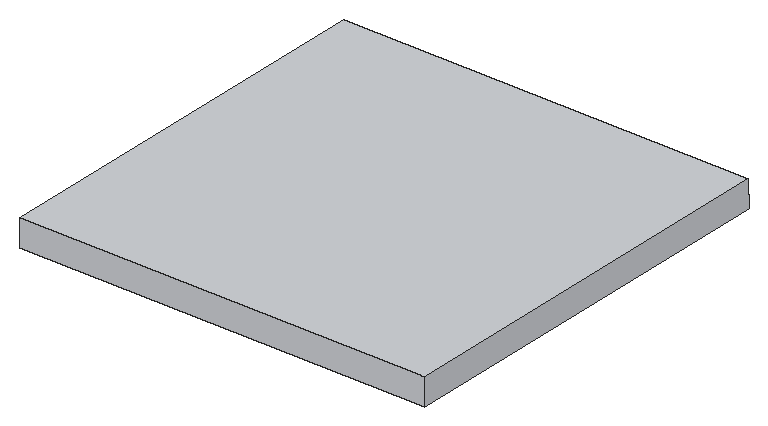
Revit family "1716_ TUPEX ELECTRIC_UQY", category Lighting Fixtures, host Face, Revit 2016
Family settings
  Host = Face
  Part Type = Normal
  Round Connector Dimension = Use Diameter
  Cut with Voids When Loaded = No
  Light Source = Yes
  Shared = No
  Room Calculation Point = Yes
Parameters
  width = 600 mm
  volt = 220 V
  length = 600 mm
  depth = 20 mm
  Wattage = 53 W
  built-in parameter 1150110 = 1 (stored number, unit not read)
  built-in parameter 1114217 = 1 (stored number, unit not read)
  Tilt Angle = 60.00°
  built-in parameter 1150109 = 1 (stored number, unit not read)
  built-in parameter 1150134 = 3
  built-in parameter 1150113 = 1 (stored number, unit not read)
  Photometric Web File = "1715.IES"
  built-in parameter 1150105 = 468.15 (stored number, unit not read)
  Lumens = 5883 lm
  built-in parameter 1150115 = 1 (stored number, unit not read)
  built-in parameter 1150137 = (empty or 0)
  built-in parameter 1150139 = (empty or 0)
  built-in parameter 1150112 = 1 (stored number, unit not read)
  built-in parameter 1150114 = 1 (stored number, unit not read)
  built-in parameter 1150132 = (empty or 0)
  built-in parameter 1150102 = (empty or 0)
  built-in parameter 1150107 = 3200 (stored number, unit not read)
  built-in parameter 1150138 = (empty or 0)
  built-in parameter 1150106 = 4.6815 (stored number, unit not read)
  built-in parameter 1150104 = 10.312 (stored number, unit not read)
  Dimming Lamp Color Temperature Shift = (empty or 0)
  Default Elevation = 1219.2 mm
  Color Filter = 16777215
  built-in parameter 1114218 = 1 (stored number, unit not read)
  built-in parameter 1150133 = 10 (stored number, unit not read)
Reference planes
  plane 1 "Center (Front/Back)": y = 0
  plane 2: z = 0
  plane 3 "Center (Left/Right)": x = 0
  plane 4: x = 600
  plane 5: y = -600
  plane 6: z = 20
  plane 7: z = -20
  plane 8: y = -300
  plane 9: x = 300
Forms (mm)
  Extrusion 1, solid
    sketch origin (0, 0, 0) x (1, 0, 0) y (0, 0, 1)
      loop
        line (600, 20) -> (0, 20) -> (0, -20) -> (600, -20) -> (600, 20)
    from 0 to 600
Dimensions and locks
  "width": plane 3 "Center (Left/Right)" to plane 4
  "length": plane 5 to plane 1 "Center (Front/Back)"
  "depth": level to plane 6
  plane 7 to level = 20 mm
  aligned and locked: plane 2 to host face
  aligned and locked: level to host face
Automatic sketch dimensions
  host sketch curve to host sketch curve = 2438.4 mm  (x2)
  Extrusion 1 sketch curve to plane 6 = 0 mm
  Extrusion 1 sketch curve to plane 7 = 0 mm
  Extrusion 1 sketch curve to plane 3 "Center (Left/Right)" = 0 mm
  Extrusion 1 sketch curve to plane 4 = 0 mm
Connectors
  electrical at (300, -300, 20), driven by "volt"
    settings: on Extrusion 1, index 1, voltage 220 V, apparent load 0 VA, apparent load phase1 36 VA, apparent load phase2 0 VA, apparent load phase3 0 VA, power factor 1, load classification "Lighting", number of poles 1, system type 31, power factor state 1, is connector primary yes, connector utility no, sub classification motor no, connector description ""
